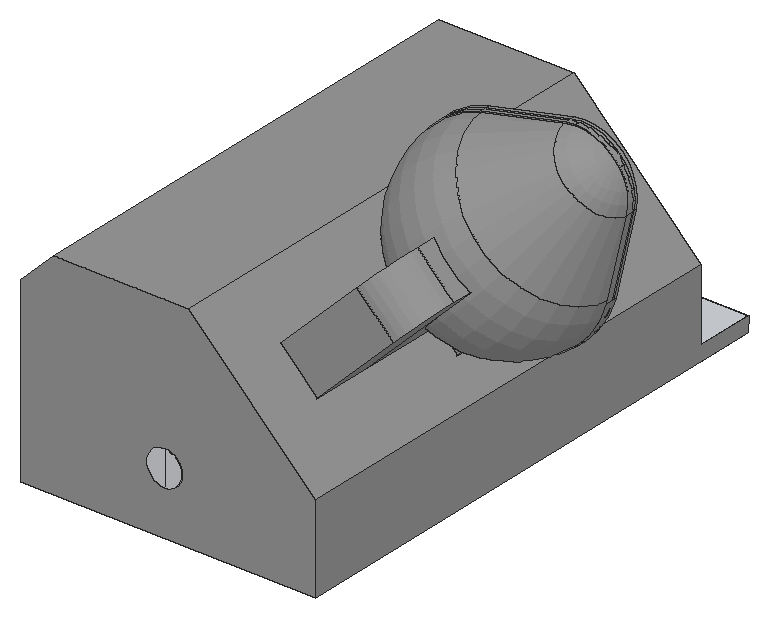
Revit family "Combination-Willoughby-ECF-2046-R-ON", category Plumbing Fixtures, Revit 2015
Parameters (values of type "Standard")
  Waste DIA = 2 3/8"
  Waste Connection = yes
  Vent Connection = no
  URL = "https://www.willoughby-ind.com/wp-content/uploads/2017/12/2046.pdf"
  Type Comments = ""
  Revision = "A"
  Lav Waste DIA = 1 1/2"
  Lav Waste Connection = yes
  HW Connection = no
  Flush Inlet DIA = 1 1/2"
  Flush Inlet Connection = yes
  Fixture Body = Stainless Steel AISI 304-Willoughby
  Model = "ECF-2046-R-ON"
  Manufacturer = "Willoughby Industries"
  Description = "2046 Combination Unit, Floor toilet waste outlet, Right hand toilet, Mounted off the floor"
  Default Elevation = 0' - 0"
  Contact = "(800) 428-4065"
  CW Connection = no
Reference planes (in)
  plane 1 "Center (Front/Back)": y = 0
  plane 2: z = 0
  plane 3 "Center (Left/Right)": x = 0
  plane 4: x = 10
  plane 5: x = -10
  plane 6: x = 7.75
  plane 7: x = -1.4375
  plane 8: z = 5.9375
  plane 9: z = 14.5
  plane 10: z = 12.25
  plane 11: y = 32.5
  plane 12: y = 36.5
  plane 13 "Waste HGT": y = 11.5
  plane 14 "Flush Inlet HGT": y = 20.5
  plane 15 "Flush Inlet": x = -6.25
  plane 16 "LAV Waste HGT": y = 24.25
  plane 17 "LAV Waste": x = 2.25
  plane 18: y = 15
  plane 19: x = 6.25
  plane 20 "Lav Waste": x = -2.25
  plane 21: z = 4.25
  plane 22: x = -0.25
  plane 23: through (24.93754, 15.25, 7.97021) normal (0.7071, 0, 0.7071)
  plane 24: through (23.5024, 15.25, 16.29964) normal (0.7071, 0, 0.7071)
  plane 25: through (17.30108, 15.25, 17.88679) normal (0.7071, 0, -0.7071)
  plane 26: through (13.05844, 15.25, 22.12943) normal (0.7071, 0, -0.7071)
  plane 27: through (5.54289, 0, 10.37124) normal (0.7071, 0, -0.7071)
  plane 28: y = 18
Forms (in)
  Extrusion 1, solid
    sketch origin (0, 0, 0) x (1, 0, 0) y (0, 0, 1)
      loop
        line (10, 0) -> (10, 1.0625) -> (-10, 1.0625) -> (-10, 0) -> (10, 0)
    from -36.5 to -32.5
  Extrusion 2, solid, material "Stainless Steel AISI 304-Willoughby" <- "Fixture Body"
    sketch origin (0, 0, 0) x (-1, 0, 0) y (0, 0, -1)
      loop
        line (10, 0) -> (-10, 0) -> (-10, -5.91414) -> (-1.41414, -14.5) -> (7.71229, -14.5) -> (10, -12.21229) -> (10, 0)
    from 0 to -32.5
  Extrusion 3, solid, material "Stainless Steel AISI 304-Willoughby" <- "Fixture Body"
    sketch origin (0, 0, 0) x (-1, 0, 0) y (0, 0, -1)
      loop
        line (10, 0) -> (-10, 0) -> (-10, -1.0625) -> (10, -1.0625) -> (10, 0)
    from -36.5 to -32.5
  Revolve 4, void
    sketch origin (0, 32.5, -23.44915) x (0, 0, -1) y (-1, 0, 0)
      loop
        spline (-35.4804, 2.39908) -> (-35.33558, 0.71675) -> (-34.91101, -0.85092) -> (-34.2356, -2.19712) -> (-33.3554, -3.23009) -> (-32.33038, -3.87944) -> (-31.2304, -4.10092) -> (-30.13042, -3.87944) -> (-29.1054, -3.23009) -> (-28.22519, -2.19712) -> (-27.54979, -0.85092) -> (-27.12521, 0.71675) -> (-26.9804, 2.39908)
        line (-26.9804, 2.39908) -> (-35.4804, 2.39908)
      axis (-35.4804, 2.39908) -> (-26.9804, 2.39908)
    angle from 0 to 180
  Revolve 5, solid
    sketch origin (0, 20.5, -24) x (0, 0, -1) y (-1, 0, 0)
      loop
        line (-23.99415, -6.25) -> (-23.99415, -5.5) -> (-25.25, -5.5) -> (-25.25, -6.25) -> (-23.99415, -6.25)
      axis (-25.25, -6.25) -> (-23.99415, -6.25)
    angle from 0 to 360
  Revolve 6, solid
    sketch origin (0, 24.25, -24) x (0, 0, -1) y (-1, 0, 0)
      loop
        line (-21, 2.25) -> (-21, 3) -> (-25, 3) -> (-25, 2.25) -> (-21, 2.25)
      axis (-21, 2.25) -> (-25, 2.25)
    angle from 0 to 360
  Revolve 7, solid
    sketch origin (-0.25, 0, -24) x (0, 0, -1) y (0, 1, 0)
      loop
        line (-28.25, -0.00057) -> (-28.25, 2) -> (-29.4375, 2) -> (-29.4375, -0.00057) -> (-28.25, -0.00057)
      axis (-28.25, 2) -> (-28.25, -0.00057)
    angle from 0 to 360
  Revolve 8, solid, material "Stainless Steel AISI 304-Willoughby" <- "Fixture Body"
    sketch origin (2.54303, 14.75, 7.37138) x (-0.707107, 0, -0.707107) y (-0.707107, 0, 0.707107)
      loop
        arc (-16.25875, -6.02566) -> (-9.22764, -6.08019) -> (-5.69625, 0) r 7
        line (-5.69625, 0) -> (-6.19625, 0)
        arc (-6.19625, 0) -> (-9.4731, -5.64458) -> (-15.99973, -5.59794) r 6.5
        line (-15.99973, -5.59794) -> (-20.8721, -2.57392)
        arc (-20.8721, -2.57392) -> (-21.91777, -1.47245) -> (-22.28998, 0) r 3
        line (-22.28998, 0) -> (-22.79, 0)
        arc (-22.79, 0) -> (-22.35472, -1.71553) -> (-21.13577, -2.99875) r 3.5
        line (-21.13577, -2.99875) -> (-16.25875, -6.02566)
      axis (-22.79, 0) -> (-5.69625, 0)
    angle from 0 to 180
  Extrusion 9, solid, material "Stainless Steel AISI 304-Willoughby" <- "Fixture Body"
    sketch origin (2.39094, 14.75, 7.21929) x (-0.707107, 0, -0.707107) y (-0.707107, 0, 0.707107)
      loop
        arc (-16.31246, -6.11221) -> (-11.15584, -6.77641) -> (-6.96698, -3.69657) r 6.99024
        line (-6.96698, -3.69657) -> (-4.40074, -3.69657) -> (-4.40074, 3.65625) -> (-6.9421, 3.65625)
        arc (-6.9421, 3.65625) -> (-11.2049, 6.78845) -> (-16.44046, 6.03277) r 6.98205
        line (-16.44046, 6.03277) -> (-21.4104, 2.94819)
        arc (-21.4104, 2.94819) -> (-23.00527, 0) -> (-21.4104, -2.94819) r 3.52237
        line (-21.4104, -2.94819) -> (-16.31246, -6.11221)
      loop
        line (-20.34476, -1.63051) -> (-15.05004, -3.88749)
        arc (-15.05004, -3.88749) -> (-8.1517, 0) -> (-15.05004, 3.88749) r 4.54455
        line (-15.05004, 3.88749) -> (-20.34476, 1.63051)
        arc (-20.34476, 1.63051) -> (-21.22494, 0) -> (-20.34476, -1.63051) r 1.95034
    from 0.25 to -0.5
  Extrusion 10, solid, material "Stainless Steel AISI 304-Willoughby" <- "Fixture Body"
    sketch origin (6.21733, 15, 11.04568) x (0, 1, 0) y (0.707107, 0, 0.707107)
      loop
        line (-6.77192, 9.05193) -> (-8.17415, 9.05193)
        arc (-8.17415, 9.05193) -> (-10.09199, 8.25753) -> (-10.88639, 6.33969) r 2.71224
        line (-10.88639, 6.33969) -> (-10.88639, -1.0106) -> (-6.77192, -1.0106) -> (-6.77192, 9.05193)
    from 1.75 to -1.75
  Extrusion 11, solid, material "Stainless Steel AISI 304-Willoughby" <- "Fixture Body"
    sketch origin (6.21733, 15, 11.04568) x (0, 1, 0) y (0.707107, 0, 0.707107)
      loop
        line (-6.77192, -1.0106) -> (-0.75, -1.0106) -> (-0.75, 0.82799)
        arc (-0.75, 0.82799) -> (-4.5139, 2.48885) -> (-6.77192, 5.92785) r 7.26374
        line (-6.77192, 5.92785) -> (-6.77192, -1.0106)
    from 1.75 to -1.75
Cuts and joins
  Revolve 4 cuts Extrusion 2
  joined: Extrusion 2, Extrusion 3
Lines and regions (in)
  symbolic lines
    curve 1: line (10, 0, 5.91414) -> (1.41414, 0, 14.5)
    curve 2: line (0, 32.5, 1.0625) -> (0, 36.5, 1.0625)
    curve 3: line (0, 36.5, 1.0625) -> (0, 36.5, 0)
    curve 4: line (0, 36.5, 0) -> (0, 0, 0)
    curve 5: line (0, 0, 0) -> (0, 0, 14.5)
    curve 6: line (0, 0, 14.5) -> (0, 4.11361, 14.5)
    curve 7: line (0, 4.11361, 14.5) -> (0, 4.11361, 16.76595)
    curve 8: line (0, 4.11361, 9.09364) -> (0, 4.11361, 14.5)
    curve 9: line (0, 14.25, 9.09364) -> (0, 4.11361, 9.09364)
    curve 10: line (0, 15, 7.71721) -> (0, 14.25, 7.71721)
    curve 11: line (0, 14.25, 7.71721) -> (0, 14.25, 9.09364)
    curve 12: line (0, 15, 7.71721) -> (0, 15, 24.44341)
    curve 13: line (0, 15, 24.44341) -> (0, 14.25, 24.44341)
    curve 14: arc (0, 14.25, 24.44341) -> (0, 13.25, 24.23996) -> (0, 12.40899, 23.66195) r 2.5593
    curve 15: line (0, 12.40899, 23.66195) -> (0, 9.67035, 21.19606)
    curve 16: arc (0, 9.67035, 21.19606) -> (0, 8.77821, 20.00693) -> (0, 8.10051, 18.6838) r 8.73952
    curve 17: arc (0, 8.10051, 18.6838) -> (0, 7.87584, 17.42519) -> (0, 8.18776, 16.18532) r 3.04436
    curve 18: arc (0, 8.18776, 16.18532) -> (0, 7.9908, 15.28502) -> (0, 8.09257, 14.36906) r 2.83931
    curve 19: arc (0, 8.09257, 14.36906) -> (0, 10.37673, 10.88424) -> (0, 14.25, 9.34831) r 6.90405
    curve 20: line (0, 14.25, 9.34831) -> (0, 15, 9.34831)
    curve 21: line (0, 8.18776, 16.18532) -> (0, 6.18776, 16.18532)
    curve 22: arc (0, 6.18776, 16.18532) -> (0, 4.8515, 15.71088) -> (0, 4.11361, 14.5) r 2.119
    curve 23: arc (0, 4.11361, 16.76595) -> (0, 5.00388, 18.16761) -> (0, 6.57928, 18.69235) r 2.47768
    curve 24: line (0, 8.10051, 18.6838) -> (0, 6.47505, 18.6838)
    curve 25: line (0, 15, 14.43195) -> (0, 32.5, 14.43195)
    curve 26: line (0, 32.5, 14.43195) -> (0, 32.5, 0.93195)
    curve 27: line (1.41414, 0, 14.5) -> (-7.71229, 0, 14.5)
    curve 28: line (-7.71229, 0, 14.5) -> (-10, 0, 12.21229)
    curve 29: line (-10, 0, 12.21229) -> (-10, 0, 0)
    curve 30: line (-10, 0, 0) -> (10, 0, 0)
    curve 31: line (8.15676, 0, 7.75737) -> (9.93121, 0, 9.53182)
    curve 32: arc (9.93121, 0, 9.53182) -> (15.1504, 0, 10.3636) -> (18.30049, 0, 14.60726) r 7
    curve 33: line (18.30049, 0, 14.60726) -> (19.60871, 0, 20.19619)
    curve 34: arc (19.60871, 0, 20.19619) -> (19.5633, 0, 21.96553) -> (18.65812, 0, 23.48647) r 3.50037
    curve 35: arc (18.65812, 0, 23.48647) -> (17.13361, 0, 24.3793) -> (15.36784, 0, 24.43706) r 3.59084
    curve 36: line (15.36784, 0, 24.43706) -> (9.92722, 0, 23.16521)
    curve 37: arc (9.92722, 0, 23.16521) -> (5.56272, 0, 20.02367) -> (4.71438, 0, 14.71345) r 7
    curve 38: line (4.71438, 0, 14.71345) -> (2.95753, 0, 12.9566)
    curve 39: spline (4.10092, 0, 7.78125) -> (3.87944, 0, 8.88123) -> (3.23009, 0, 9.90625) -> (2.19712, 0, 10.78645) -> (0.85092, 0, 11.46186) -> (-0.71675, 0, 11.88643) -> (-2.39908, 0, 12.03125) -> (-4.0814, 0, 11.88643) -> (-5.64908, 0, 11.46186) -> (-6.99527, 0, 10.78645) -> (-8.02824, 0, 9.90625) -> (-8.6776, 0, 8.88123) -> (-8.89908, 0, 7.78125) -> (-8.6776, 0, 6.68127) -> (-8.02824, 0, 5.65625) -> (-6.99527, 0, 4.77605) -> (-5.64908, 0, 4.10064) -> (-4.0814, 0, 3.67607) -> (-2.39908, 0, 3.53125) -> (-0.71675, 0, 3.67607) -> (0.85092, 0, 4.10064) -> (2.19712, 0, 4.77605) -> (3.23009, 0, 5.65625) -> (3.87944, 0, 6.68127) -> (4.10092, 0, 7.78125)
    curve 40: line (10, 0, 0) -> (10, 0, 5.91414)
    curve 41: line (-10, 0, 0) -> (-10, 36.5, 0)
    curve 42: line (-10, 36.5, 0) -> (10, 36.5, 0)
    curve 43: line (10, 36.5, 0) -> (10, 0, 0)
    curve 44: line (10, 0, 0) -> (-10, 0, 0)
    curve 45: line (-10, 32.5, 0) -> (10, 32.5, 0)
    curve 46: line (4.2653, 14.25, 0) -> (2.91737, 14.25, 0)
    curve 47: line (2.91737, 14.25, 0) -> (2.91737, 15, 0)
    curve 48: line (2.91737, 15, 0) -> (19.68979, 15, 0)
    curve 49: line (19.68979, 15, 0) -> (19.68979, 14.25, 0)
    curve 50: arc (19.68979, 14.25, 0) -> (19.31852, 13.17656, 0) -> (18.66832, 12.24524, 0) r 4.12108
    curve 51: line (18.66832, 12.24524, 0) -> (16.66092, 10.0158, 0)
    curve 52: arc (16.66092, 10.0158, 0) -> (15.37436, 8.89741, 0) -> (13.85545, 8.12348, 0) r 6.99402
    curve 53: arc (13.85545, 8.12348, 0) -> (11.41584, 7.72033, 0) -> (8.99584, 8.22808, 0) r 6.71071
    curve 54: arc (8.99584, 8.22808, 0) -> (5.92524, 10.62026, 0) -> (4.51953, 14.25, 0) r 7.30358
    curve 55: line (4.51953, 14.25, 0) -> (4.2653, 14.25, 0)
    curve 56: line (4.2653, 14.25, 0) -> (4.2653, 4.11361, 0)
    curve 57: line (4.2653, 4.11361, 0) -> (11.93761, 4.11361, 0)
    curve 58: arc (11.93761, 4.11361, 0) -> (13.41397, 5.10384, 0) -> (13.85545, 6.82585, 0) r 2.49331
    curve 59: line (13.85545, 6.82585, 0) -> (13.85545, 8.12348, 0)
Dimensions and locks (in)
  equal spacing: plane 4, plane 3 "Center (Left/Right)", plane 5, locked at 10 each
  level to plane 9 = 1' - 2 1/2"
  level to plane 8 = 0' - 5 15/16"
  plane 10 to plane 9 = 0' - 2 1/4"
  plane 11 to plane 1 "Center (Front/Back)" = 2' - 8 1/2"
  locked: plane 18 to plane 1 "Center (Front/Back)" at 15
  locked: plane 14 "Flush Inlet HGT" to plane 1 "Center (Front/Back)" at 20.5
  locked: plane 16 "LAV Waste HGT" to plane 1 "Center (Front/Back)" at 24.25
  locked: plane 1 "Center (Front/Back)" to plane 13 "Waste HGT" at 11.5
  locked: plane 1 "Center (Front/Back)" to plane 14 "Flush Inlet HGT" at 20.5
  locked: plane 1 "Center (Front/Back)" to plane 16 "LAV Waste HGT" at 24.25
  locked: plane 5 to plane 15 "Flush Inlet" at 3.75
  locked: plane 17 "LAV Waste" to plane 4 at 7.75
  locked: plane 1 "Center (Front/Back)" to plane 11 at 32.5
  locked: plane 1 "Center (Front/Back)" to plane 12 at 36.5
  plane 5 to plane 4 = 1' - 8"
  plane 20 "Lav Waste" to plane 5 = 0' - 7 3/4"
  plane 21 to level = 0' - 4 1/4"
  plane 22 to plane 4 = 0' - 10 1/4"
  locked: plane 1 "Center (Front/Back)" to plane 18 at 15
  plane 25 to plane 26 = 0' - 6"
  aligned and locked: plane 12 to Extrusion 1
  aligned and locked: Extrusion 3 to Extrusion 2
  aligned and locked: Revolve 5 sketch curve to Revolve 5 sketch curve  (x2)
  aligned and locked: Revolve 6 sketch curve to Revolve 6 sketch curve  (x2)
  aligned and locked: Revolve 7 sketch curve to Revolve 7 sketch curve  (x2)
Automatic sketch dimensions
  Extrusion 1 sketch curve to level = 0' - 0"
  Extrusion 1 sketch curve to plane 5 = 0' - 0"
  Extrusion 1 sketch curve to plane 4 = 0' - 0"
  Extrusion 1 sketch curve to Extrusion 1 sketch curve = 0' - 1 1/16"
  Extrusion 2 sketch curve to level = 0' - 0"
  Extrusion 2 sketch curve to plane 4 = 0' - 0"
  Extrusion 2 sketch curve to plane 9 = 0' - 0"
  Extrusion 2 sketch curve to plane 5 = 0' - 0"
  plane 17 "LAV Waste" to Extrusion 2 sketch curve = 0' - 0.83586"
  plane 15 "Flush Inlet" to Extrusion 2 sketch curve = 0' - 1.46229"
  plane 8 to Extrusion 2 sketch curve = 0' - 0.02336"
  plane 10 to Extrusion 2 sketch curve = 0' - 0.03771"
  Extrusion 3 sketch curve to level = 0' - 0"
  Extrusion 3 sketch curve to plane 4 = 0' - 0"
  Extrusion 3 sketch curve to plane 5 = 0' - 0"
  Extrusion 3 sketch curve to level = 0' - 1 1/16"
  Revolve 4 sketch curve to plane 10 = 0' - 0 7/32"
  Revolve 4 sketch curve to plane 7 = 0' - 0.96158"
  Revolve 4 sketch curve to plane 8 = 0' - 2 13/32"
  Revolve 4 sketch curve to Revolve 4 sketch curve = 0' - 0"  (x3)
  plane 5 to Revolve 4 sketch curve = 0' - 1.10092"
  level to Revolve 5 sketch curve = 0' - 1 1/4"
  Revolve 5 sketch curve to level = 0' - 0.00585"
  Revolve 5 sketch curve to plane 6 = 0' - 1 1/2"
  Revolve 5 sketch curve to Revolve 5 sketch curve = 0' - 0 3/4"
  Revolve 5 sketch curve to Revolve 5 sketch curve = 0' - 2.74415"
  plane 21 to Revolve 7 sketch curve = 0' - 0"
  Revolve 7 sketch curve to plane 8 = 0' - 0 1/2"
  plane 1 "Center (Front/Back)" to Revolve 7 sketch curve = 0' - 0.00057"
  Revolve 7 sketch curve to plane 1 "Center (Front/Back)" = 0' - 2"
  Revolve 7 sketch curve to Revolve 7 sketch curve = 0' - 0.99943"
  Revolve 8 sketch curve to Revolve 8 sketch curve = 0' - 0"  (x7)
  Revolve 8 sketch curve to plane 23 = 0' - 0"
  Revolve 8 sketch curve to plane 24 = 0' - 1.84366"
  Revolve 8 sketch curve to plane 24 = 0' - 0.26165"
  Revolve 8 sketch curve to plane 25 = 0' - 0.00125"
  plane 24 to Revolve 8 sketch curve = 0' - 0.00202"
  plane 24 to Revolve 8 sketch curve = 0' - 1 5/32"
  Revolve 8 sketch curve to Revolve 8 sketch curve = 0' - 0 1/2"  (x2)
  Revolve 8 sketch curve to plane 23 = 0' - 0.25901"
  Revolve 8 sketch curve to plane 23 = 0' - 3 9/16"
  Revolve 8 sketch curve to plane 25 = 0' - 3"
  Revolve 8 sketch curve to Revolve 8 sketch curve = 0' - 6 1/2"
  Revolve 8 sketch curve to plane 25 = 0' - 0.42608"
  plane 4 to Extrusion 9 sketch curve = 0' - 9.61506"
  Extrusion 9 sketch curve to Extrusion 9 sketch curve = 0' - 0"
  Extrusion 9 sketch curve to Extrusion 9 sketch curve = 0' - 1.06564"  (x2)
  Extrusion 9 sketch curve to Extrusion 9 sketch curve = 0' - 0.86186"
  Extrusion 9 sketch curve to Extrusion 9 sketch curve = 0' - 0.2083"
  Extrusion 9 sketch curve to Extrusion 9 sketch curve = 0' - 4.96994"
  Extrusion 9 sketch curve to Extrusion 9 sketch curve = 0' - 5.09794"
  Extrusion 9 sketch curve to Extrusion 9 sketch curve = 0' - 1.39042"
  Extrusion 9 sketch curve to Extrusion 9 sketch curve = 0' - 1.26242"
  Extrusion 9 sketch curve to Extrusion 9 sketch curve = 0' - 2.14484"
  Extrusion 9 sketch curve to Extrusion 9 sketch curve = 0' - 0.00561"
  Extrusion 9 sketch curve to Extrusion 9 sketch curve = 0' - 0.20334"
  Extrusion 9 sketch curve to Extrusion 9 sketch curve = 0' - 5.72926"
  Extrusion 9 sketch curve to Extrusion 9 sketch curve = 0' - 5.75415"
  Extrusion 9 sketch curve to Extrusion 9 sketch curve = 0' - 2.54136"
  Extrusion 9 sketch curve to Extrusion 9 sketch curve = 0' - 0.0238"
  Extrusion 10 sketch curve to plane 1 "Center (Front/Back)" = 0' - 4.11361"
  Extrusion 10 sketch curve to Extrusion 10 sketch curve = 0' - 2.71224"
  Extrusion 10 sketch curve to plane 13 "Waste HGT" = 0' - 3.27192"
  Extrusion 10 sketch curve to Extrusion 10 sketch curve = 0' - 7.35029"
  Extrusion 11 sketch curve to plane 13 "Waste HGT" = 0' - 3.27192"
  Extrusion 11 sketch curve to plane 18 = 0' - 0 3/4"
  plane 18 to Extrusion 11 sketch curve = 0' - 0.18041"
  Extrusion 11 sketch curve to Extrusion 11 sketch curve = 0' - 1.83859"
  Extrusion 11 sketch curve to Extrusion 11 sketch curve = 0' - 6.93845"
  Extrusion 9 sketch curve to plane 27 = 0' - 0"  (x3)
  plane 27 to Extrusion 9 sketch curve = 0' - 2.94819"
  plane 27 to Extrusion 9 sketch curve = 0' - 3.69657"
  plane 27 to Extrusion 9 sketch curve = 0' - 3.88749"
  Extrusion 9 sketch curve to Extrusion 9 sketch curve = 0' - 2.22472"
  plane 27 to Extrusion 9 sketch curve = 0' - 1.63051"
  Extrusion 9 sketch curve to plane 27 = 0' - 3 21/32"
  curve 5 to plane 1 "Center (Front/Back)" = 0' - 0"
  curve 22 to plane 9 = 0' - 0"
  curve 20 to plane 18 = 0' - 0"
  curve 25 to plane 11 = 0' - 0"
  curve 3 to plane 12 = 0' - 0"
  curve 5 to level = 0' - 0"
  curve 8 to plane 1 "Center (Front/Back)" = 0' - 4.11361"
  plane 9 to curve 21 = 0' - 1.68532"
  curve 23 to curve 21 = 0' - 2.07415"
  curve 21 to curve 23 = 0' - 0.34153"
  curve 23 to curve 24 = 0' - 1.57122"
  curve 23 to curve 21 = 0' - 1.65847"
  curve 15 to plane 13 "Waste HGT" = 0' - 1.82965"
  curve 18 to plane 13 "Waste HGT" = 0' - 0.67378"
  curve 17 to plane 13 "Waste HGT" = 0' - 0.58165"
  plane 13 "Waste HGT" to curve 15 = 0' - 0.90899"
  curve 14 to plane 18 = 0' - 0 3/4"
  curve 9 to plane 18 = 0' - 0 3/4"
  curve 20 to curve 9 = 0' - 0"
  curve 19 to plane 18 = 0' - 0.2603"
  plane 18 to curve 16 = 0' - 1.18974"
  curve 3 to curve 3 = 0' - 1 1/16"
  plane 8 to curve 10 = 0' - 1.77971"
  plane 8 to curve 8 = 0' - 3.15614"
  curve 9 to curve 20 = 0' - 0.25467"
  plane 9 to curve 18 = 0' - 0.63642"
  plane 9 to curve 16 = 0' - 0.87569"
  curve 21 to curve 23 = 0' - 0.02986"
  curve 16 to curve 19 = 0' - 0.85928"
  curve 22 to curve 7 = 0' - 0.58063"
  curve 15 to curve 14 = 0' - 0.68804"
  curve 14 to curve 15 = 0' - 1.77784"
  curve 24 to curve 16 = 0' - 1.62546"
  curve 24 to curve 23 = 0' - 0.10424"
  curve 26 to curve 2 = 0' - 0.13055"
  curve 25 to plane 9 = 0' - 0.06805"
  curve 32 to curve 37 = 0' - 0"  (x2)
  curve 29 to plane 5 = 0' - 0"
  curve 27 to plane 9 = 0' - 0"
  curve 40 to level = 0' - 0"
  curve 30 to plane 4 = 0' - 0"
  curve 32 to plane 27 = 0' - 0"
  curve 35 to plane 27 = 0' - 0"
  curve 34 to plane 27 = 0' - 0"
  curve 27 to plane 15 "Flush Inlet" = 0' - 1.46229"
  curve 1 to plane 17 "LAV Waste" = 0' - 0.83586"
  plane 9 to curve 38 = 0' - 0.21345"
  plane 19 to curve 38 = 0' - 1.53562"
  curve 36 to plane 4 = 0' - 0.07278"
  curve 31 to plane 4 = 0' - 0.06879"
  plane 4 to curve 32 = 0' - 1.52063"
  plane 4 to curve 36 = 0' - 5.36784"
  curve 36 to curve 35 = 0' - 0.7691"
  curve 35 to curve 34 = 0' - 0.06352"
  plane 9 to curve 33 = 0' - 0.10726"
  curve 35 to curve 33 = 0' - 2.16354"
  plane 9 to curve 33 = 0' - 5.69619"
  curve 34 to curve 33 = 0' - 3.40825"
  curve 29 to plane 10 = 0' - 0.03771"
  curve 33 to curve 35 = 0' - 0.73336"
  plane 20 "Lav Waste" to curve 39 = 0' - 0.14908"
  level to curve 38 = 1' - 0.9566"
  plane 17 "LAV Waste" to curve 39 = 0' - 1.85092"
  plane 8 to curve 39 = 0' - 1 27/32"
  plane 1 "Center (Front/Back)" to curve 41 = 0' - 0"
  curve 41 to plane 5 = 0' - 0"
  curve 48 to plane 18 = 0' - 0"
  curve 44 to plane 4 = 0' - 0"
  curve 45 to plane 11 = 0' - 0"
  curve 42 to plane 12 = 0' - 0"
  plane 17 "LAV Waste" to curve 48 = 0' - 0.66737"
  curve 46 to curve 46 = 0' - 1.34792"
  curve 46 to curve 55 = 0' - 0.25424"
  plane 4 to curve 58 = 0' - 1.3782"
  curve 52 to plane 18 = 0' - 0.30428"
  plane 4 to curve 52 = 0' - 1.46335"
  curve 52 to curve 53 = 0' - 0.0969"
  curve 54 to plane 18 = 0' - 0.02263"
  curve 52 to curve 54 = 0' - 0.32345"
  plane 4 to curve 57 = 0' - 1.93761"
  plane 18 to curve 50 = 0' - 0.04748"
  curve 51 to plane 13 "Waste HGT" = 0' - 1.4842"
  curve 50 to curve 51 = 0' - 1.01431"
  plane 13 "Waste HGT" to curve 51 = 0' - 0.74524"
  curve 51 to curve 51 = 0' - 2.00739"
  curve 51 to curve 49 = 0' - 1.02148"
  curve 56 to plane 1 "Center (Front/Back)" = 0' - 4.11361"
  curve 57 to curve 58 = 0' - 2.42974"
  curve 46 to plane 18 = 0' - 0 3/4"
  curve 53 to curve 52 = 0' - 0.26622"
  curve 53 to curve 54 = 0' - 0"
  plane 20 "Lav Waste" to Revolve 6 sketch curve = 0' - 0"
  level to Revolve 6 sketch curve = 0' - 1"
  Revolve 6 sketch curve to level = 0' - 3"
  Revolve 6 sketch curve to Revolve 6 sketch curve = 0' - 0 3/4"
  Revolve 6 sketch curve to Revolve 6 sketch curve = 0' - 0"
Connectors (in)
  piping at (6.25, 20.5, -0.00585), diameter 1.5, driven by "Flush Inlet DIA", driven by "Flush Inlet Connection"
    settings: on Revolve 5, index 5, connector inside diameter 24", connector length 0' - 0", flow factor 0, pipe flow 0 GPM, pressure drop 0.00 psi, fitting loss kfactor 0, connector angle 0.00°, fixture units 0, engagement length 0' - 0", angle of deflection 0.00°, flow configuration 0, flow direction 1, fitting loss method 0, system type 20, joint type 0, gender type 0, connector reference index -1, connector utility 1, adjustable connector no, is connector primary yes, connector description "Flush Inlet"
  piping at (-2.25, 24.25, -3), diameter 1.5, driven by "Lav Waste DIA", driven by "Lav Waste Connection"
    settings: on Revolve 6, index 6, connector inside diameter 24", connector length 0' - 0", flow factor 0, pipe flow 0 GPM, pressure drop 0.00 psi, fitting loss kfactor 0, connector angle 0.00°, fixture units 0, engagement length 0' - 0", angle of deflection 0.00°, flow configuration 0, flow direction 2, fitting loss method 0, system type 16, joint type 0, gender type 0, connector reference index -1, connector utility 1, adjustable connector no, is connector primary no, connector description "Sink Waste"
  piping at (-0.25, -0.00057, 4.25), diameter 2.375, driven by "Waste Connection", driven by "Waste DIA"
    settings: on Revolve 7, index 7, connector inside diameter 24", connector length 0' - 0", flow factor 0, pipe flow 0 GPM, pressure drop 0.00 psi, fitting loss kfactor 0, connector angle 0.00°, fixture units 0, engagement length 0' - 0", angle of deflection 0.00°, flow configuration 0, flow direction 2, fitting loss method 0, system type 16, joint type 0, gender type 0, connector reference index -1, connector utility 1, adjustable connector no, is connector primary no, connector description "Toilet Waste"
